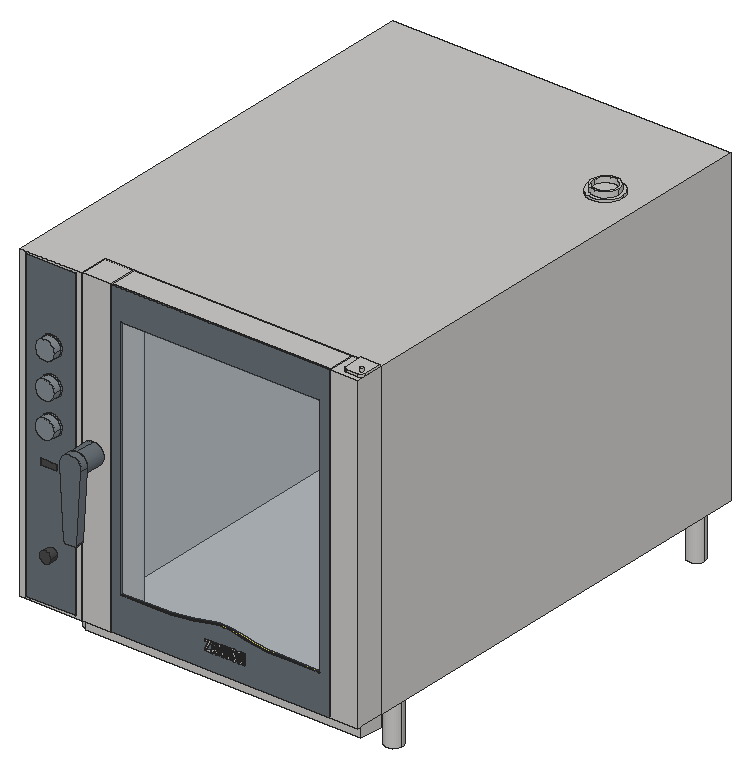
Revit family "QF_ZANUSSI_240486_ZFCE12CSES", category Specialty Equipment, Revit 2023
Family settings
  Round Connector Dimension = Use Diameter
  Part Type = Normal
  Work Plane-Based = No
  Enable Cutting in Views = No
  Always vertical = Yes
  Cut with Voids When Loaded = No
  Maintain Annotation Orientation = No
  Shared = No
  Room Calculation Point = No
Parameters
  Weight = 147.00 kg
  Watts = 0 W
  Volts = 380 V
  URL Manufacturer = "http://www.zanussiprofessional.com"
  URL = "http://www.zanussiprofessional.com"
  Steam Supply Size = 0 mm
  Steam Supply Minimum Pressure = 0.0 Pa
  Steam Supply Maximum Pressure = 0.0 Pa
  Steam Consumption per Hour = 0
  Show Logo [instance] = yes
  Show Clearance [instance] = yes
  Refrigeration Suction Line Size = 0 mm
  Refrigeration Liquid Line Size = 0 mm
  Refrigerant Compressor Remote = yes
  Default Elevation = 0 mm
  Manufacturer = "Zanussi"
  Phase = 3
  Model = "ZFCE12CSES"
  Length Actual = 890 mm
  Item Number = "240486"
  Hot Water Size = 0 mm
  Height Actual = 970 mm
  HP = "32.9 HP"
  Gas Size = 12.7 mm
  Gas KW = 0
  Gas Input Pressure = 0.0585289 W
  Direct Waste Size = 25 mm
  Description = "CONVECTION OVEN CW 10 GN 2/1 - ELECTRIC - 60HZ"
  Depth Actual = 1215 mm
  Cycle = 60 Hz
  Condensate Return Size = 0 mm
  Compressed Air Volume = 0.0 L/s
  Compressed Air Size = 0 mm
  Compressed Air Pressure = 0.0 Pa
  Cold Water Size = 19.05 mm
  Accessory = no
Reference planes
  plane 1 "Center X": y = -61.149
  plane 2: z = 0
  plane 3 "Center Y": x = -330
  plane 4 "LEFT": x = -775
  plane 5 "BACK": y = 551.351
  plane 6 "RIGHT": x = 115
  plane 7 "FRONT": y = -673.649
  plane 8 "FeetLeft": x = -725
  plane 9: y = 501.351
  plane 10 "DoorDepth": y = -598.649
  plane 11 "FeetRight": x = 65
  plane 12 "BASE": z = 130
  plane 13 "TOP": z = 950
  plane 14: z = 0
  plane 15 "FeetFront": y = -493.649
  plane 16: z = 968
  plane 17: y = -433.649
  plane 18 "Drain_X": x = -349
  plane 19 "Drain_Y": y = 181.351
  plane 20 "EI_x": x = -675
  plane 21 "EI_y": y = -418.649
  plane 22 "CWI_x": x = -690
  plane 23: y = -1354.649
  plane 24 "CWI_y": y = -53.649
  plane 25: y = 264.351
  plane 26: x = 15
Forms (mm)
  Extrusion 1, solid, material "QF_Finishes_Stainless Steel"
    sketch origin (0, 73.5, 130) x (-1, 0, 0) y (0, -1, 0)
      loop
        circle (690, 127.149) r 13.2
    from -5 to 0
  Extrusion 2, solid, material "QF_Finishes_Stainless Steel"
    sketch origin (0, 57.5, 130) x (-1, 0, 0) y (0, -1, 0)
      loop
        circle (675, 476.149) r 13.25
    from -5 to 0
  Extrusion 3, solid, material "QF_Finishes_Stainless Steel"
    sketch origin (89, -125, 130) x (-1, 0, 0) y (0, -1, 0)
      loop
        circle (438, -306.351) r 13.25
    from -5 to 0
  Extrusion 4, solid, material "QF_Finishes_Black"
    sketch origin (0, -673.649, 77) x (-1, 0, 0) y (0, 0, 1)
      loop
        circle (691.941, 183.023) r 15
    from 0 to -20
  Extrusion 5, solid, material "QF_Finishes_Stainless Steel"
    sketch origin (15, -153.5, 130) x (-1, 0, 0) y (0, -1, 0)
      loop
        circle (705, -4.851) r 13.25
    from -5 to 0
  Extrusion 6, solid, material "QF_Finishes_Zanussi_Soft Gray"
    sketch origin (0, -673.649, -96) x (-1, 0, 0) y (0, 0, 1)
      loop
        circle (691, 845.824) r 26.676
    from 0 to -3
  Blend 7, solid, material "QF_Finishes_Zanussi_Soft Gray"
    base sketch origin (0, -673.649, -96) x (-1, 0, 0) y (0, 0, 1)
      loop
        circle (691, 845.824) r 25
    top sketch origin (0, -673.649, -96) x (-1, 0, 0) y (0, 0, 1)
      loop
        circle (691, 845.824) r 24.8
    from -3 to -23
  Extrusion 8, solid, material "QF_Finishes_Zanussi_Soft Gray"
    sketch origin (0, -673.649, -105) x (-1, 0, 0) y (0, 0, 1)
      loop
        circle (691, 760.824) r 26.676
    from 0 to -3
  Blend 9, solid, material "QF_Finishes_Zanussi_Soft Gray"
    base sketch origin (0, -673.649, -105) x (-1, 0, 0) y (0, 0, 1)
      loop
        circle (691, 760.824) r 25
    top sketch origin (0, -673.649, -105) x (-1, 0, 0) y (0, 0, 1)
      loop
        circle (691, 760.824) r 24.8
    from -3 to -23
  Extrusion 10, solid, material "QF_Finishes_Zanussi_Soft Gray"
    sketch origin (0, -673.649, 183) x (-1, 0, 0) y (0, 0, 1)
      loop
        circle (691, 380.824) r 26.676
    from 0 to -3
  Blend 11, solid, material "QF_Finishes_Zanussi_Soft Gray"
    base sketch origin (0, -673.649, 183) x (-1, 0, 0) y (0, 0, 1)
      loop
        circle (691, 380.824) r 25
    top sketch origin (0, -673.649, 183) x (-1, 0, 0) y (0, 0, 1)
      loop
        circle (691, 380.824) r 24.8
    from -3 to -23
  Extrusion 12, solid, material "QF_Finishes_Stainless Steel"
    sketch origin (0, 0, 130) x (-1, 0, 0) y (0, -1, 0)
      loop
        line (775, -551.351) -> (775, 673.649) -> (612, 673.649) -> (612, 598.649) -> (-115, 598.649) -> (-115, -551.351) -> (775, -551.351)
    from 820 to 0
  Extrusion 13, solid, material "QF_Finishes_Zanussi_Dark Gray"
    sketch origin (0, -673.649, 0) x (-1, 0, 0) y (0, 0, 1)
      loop
        line (760, 945) -> (627, 945) -> (627, 135) -> (760, 135) -> (760, 945)
      loop
        line (677.941, 475.023) -> (677.941, 460.023) -> (720.941, 460.023) -> (720.941, 475.023) -> (677.941, 475.023)
    from 0 to 5
  Extrusion 14, void
    sketch origin (0, -673.649, 0) x (-1, 0, 0) y (0, 0, 1)
      loop
        line (760, 945) -> (627, 945) -> (627, 135) -> (760, 135) -> (760, 945)
    from 0 to 5
  Extrusion 15, void
    sketch origin (0, -673.649, 0) x (-1, 0, 0) y (0, 0, 1)
      loop
        line (-87.826, 145) -> (609, 145) -> (609, 930) -> (-87.826, 930) -> (-87.826, 145)
    from 1200 to 75
  Extrusion 16, solid, material "QF_Finishes_Black"
    sketch origin (-5, -673.649, 195) x (-1, 0, 0) y (0, 0, 1)
      loop
        line (715.941, 280.023) -> (672.941, 280.023) -> (672.941, 265.023) -> (715.941, 265.023) -> (715.941, 280.023)
    from 5 to 0
  Extrusion 17, solid, material "QF_Clearances", detail levels coarse
    sketch origin (0, 0, 0) x (1, 0, 0) y (0, 1, 0)
      loop
        line (-825, -673.649) -> (-775, -673.649) -> (-775, 551.351) -> (115, 551.351) -> (115, -673.649) -> (165, -673.649) -> (165, 601.351) -> (-825, 601.351) -> (-825, -673.649)
    from 950 to 0
  Extrusion 18, solid, material "QF_Finishes_Stainless Steel"
    sketch origin (0, 0, 950) x (-1, 0, 0) y (0, -1, 0)
      loop
        circle (-15, -264.351) r 45
    from 5 to 0
  Extrusion 19, solid, material "QF_Finishes_Stainless Steel"
    sketch origin (0, 0, 950) x (-1, 0, 0) y (0, -1, 0)
      loop
        circle (-15, -264.351) r 35
      loop
        circle (-15, -264.351) r 30
    from 5 to 18
Cuts and joins
  Extrusion 14, Extrusion 15 cuts Extrusion 12
Lines and regions (mm)
  symbolic lines
    curve 1: line (-775, -673.649, 1620) -> (-775, 551.351, 1620)
    curve 2: line (-775, 551.351, 1620) -> (115, 551.351, 1620)
    curve 3: line (-612, -598.649, 1620) -> (115, -598.649, 1620)
    curve 4: line (-612, -598.649, 1620) -> (-612, -673.649, 1620)
    curve 5: line (-775, -673.649, 1620) -> (-612, -673.649, 1620)
    curve 6: line (-719.676, -676.649, 1620) -> (-665.324, -676.649, 1620)
    curve 7: line (-719.676, -676.649, 1620) -> (-719.676, -673.649, 1620)
    curve 8: line (-665.324, -676.649, 1620) -> (-665.324, -673.649, 1620)
    curve 9: line (115, 551.351, 1620) -> (115, -673.649, 1620)
    curve 10: line (-717.863, -696.649, 684) -> (-667.2, -696.649, 684)
    curve 11: line (-717.863, -696.649, 684) -> (-718, -676.649, 684)
    curve 12: line (-667.2, -696.649, 684) -> (-667, -676.649, 684)
    curve 18: circle (15, 264.351, 950) r 45 normal (0, 0, 1)
    curve 19: circle (15, 264.351, 950) r 35 normal (0, 0, 1)
    curve 20: circle (15, 264.351, 950) r 30 normal (0, 0, -1)
  symbolic lines, style "QF_Clearances", detail levels coarse
    curve 13: line (-825, -673.649, 0) -> (-825, 601.351, 0)
    curve 14: line (-825, 601.351, 0) -> (165, 601.351, 0)
    curve 15: line (165, 601.351, 0) -> (165, -673.649, 0)
    curve 16: line (165, -673.649, 0) -> (115, -673.649, 0)
    curve 17: line (-825, -673.649, 0) -> (-768.438, -673.649, 0)
Dimensions and locks
  equal spacing: plane 4 "LEFT", plane 3 "Center Y", plane 6 "RIGHT"
  equal spacing: plane 5 "BACK", plane 1 "Center X", plane 7 "FRONT"
  plane 12 "BASE" to plane 14 = 130 mm
  plane 13 "TOP" to plane 12 "BASE" = 820 mm
  plane 13 "TOP" to plane 14 = 950 mm
  plane 5 "BACK" to plane 9 = 50 mm
  plane 9 to plane 15 "FeetFront" = 995 mm
  locked: plane 15 "FeetFront" to plane 7 "FRONT" at 180
  plane 16 to plane 13 "TOP" to plane 12 "BASE" to level = 18 mm, 820 mm, 130 mm
  plane 16 to level = 968 mm
  plane 17 to plane 7 "FRONT" = 240 mm
  plane 5 "BACK" to plane 19 "Drain_Y" = 370 mm
  plane 4 "LEFT" to plane 18 "Drain_X" = 426 mm
  plane 4 "LEFT" to plane 20 "EI_x" = 100 mm
  plane 5 "BACK" to plane 21 "EI_y" = 970 mm
  plane 4 "LEFT" to plane 22 "CWI_x" = 85 mm
  plane 5 "BACK" to plane 23 = 1906 mm
  plane 5 "BACK" to plane 24 "CWI_y" = 605 mm
  locked: plane 10 "DoorDepth" to plane 7 "FRONT" at 75
  plane 8 "FeetLeft" to plane 4 "LEFT" = 50 mm
  plane 6 "RIGHT" to plane 11 "FeetRight" = 50 mm
  plane 11 "FeetRight" to plane 8 "FeetLeft" = 790 mm
  plane 5 "BACK" to plane 7 "FRONT" = 1225 mm
  plane 4 "LEFT" to plane 6 "RIGHT" = 890 mm
  plane 5 "BACK" to plane 25 = 287 mm
  plane 16 to plane 13 "TOP" = 18 mm
  plane 26 to plane 6 "RIGHT" = 100 mm
  aligned and locked: level to plane 2
  aligned and locked: plane 12 "BASE" to nested 1
  aligned and locked: plane 12 "BASE" to nested 2
  aligned and locked: plane 12 "BASE" to nested 4
  aligned and locked: plane 12 "BASE" to nested 3
  aligned and locked: nested 5 to plane 10 "DoorDepth"
  aligned and locked: nested 5 to plane 12 "BASE"
  aligned and locked: plane 6 "RIGHT" to nested 5
  aligned and locked: plane 8 "FeetLeft" to nested 4
  aligned and locked: plane 11 "FeetRight" to nested 2
  aligned and locked: plane 11 "FeetRight" to nested 3
  aligned and locked: nested 4 to plane 9
  aligned and locked: nested 3 to plane 9
  aligned and locked: plane 15 "FeetFront" to nested 1
  aligned and locked: plane 15 "FeetFront" to nested 2
Automatic sketch dimensions
  Extrusion 2 sketch curve to plane 20 "EI_x" = 0 mm
  Extrusion 2 sketch curve to plane 21 "EI_y" = 0 mm
  Extrusion 3 sketch curve to plane 18 "Drain_X" = 0 mm
  Extrusion 3 sketch curve to plane 19 "Drain_Y" = 0 mm
  plane 12 "BASE" to Extrusion 4 sketch curve = 130.023 mm
  Extrusion 6 sketch curve to plane 13 "TOP" = 200.176 mm
  Blend 7 sketch curve to plane 13 "TOP" = 200.176 mm  (x2)
  Extrusion 8 sketch curve to plane 13 "TOP" = 294.176 mm
  Blend 9 sketch curve to plane 13 "TOP" = 294.176 mm  (x2)
  plane 12 "BASE" to Extrusion 10 sketch curve = 433.824 mm
  plane 12 "BASE" to Blend 11 sketch curve = 433.824 mm  (x2)
  Extrusion 12 sketch curve to plane 5 "BACK" = 0 mm
  Extrusion 12 sketch curve to plane 6 "RIGHT" = 0 mm
  Extrusion 12 sketch curve to plane 10 "DoorDepth" = 0 mm
  Extrusion 12 sketch curve to plane 7 "FRONT" = 0 mm
  Extrusion 12 sketch curve to plane 4 "LEFT" = 0 mm
  plane 20 "EI_x" to Extrusion 12 sketch curve = 63 mm
  Extrusion 14 sketch curve to plane 13 "TOP" = 5 mm
  plane 20 "EI_x" to Extrusion 14 sketch curve = 48 mm
  Extrusion 14 sketch curve to plane 8 "FeetLeft" = 35 mm
  plane 12 "BASE" to Extrusion 14 sketch curve = 5 mm
  Extrusion 15 sketch curve to plane 13 "TOP" = 20 mm
  plane 11 "FeetRight" to Extrusion 15 sketch curve = 22.826 mm
  plane 20 "EI_x" to Extrusion 15 sketch curve = 66 mm
  plane 12 "BASE" to Extrusion 15 sketch curve = 15 mm
  Extrusion 13 sketch curve to plane 13 "TOP" = 5 mm
  plane 20 "EI_x" to Extrusion 13 sketch curve = 48 mm
  Extrusion 13 sketch curve to plane 20 "EI_x" = 2.941 mm
  plane 8 "FeetLeft" to Extrusion 13 sketch curve = 4.059 mm
  plane 4 "LEFT" to Extrusion 13 sketch curve = 15 mm
  plane 12 "BASE" to Extrusion 13 sketch curve = 345.023 mm
  Extrusion 13 sketch curve to Extrusion 13 sketch curve = 15 mm
  plane 12 "BASE" to Extrusion 13 sketch curve = 5 mm
  Extrusion 16 sketch curve to plane 20 "EI_x" = 2.941 mm
  plane 8 "FeetLeft" to Extrusion 16 sketch curve = 4.059 mm
  plane 12 "BASE" to Extrusion 16 sketch curve = 330.023 mm
  Extrusion 16 sketch curve to Extrusion 16 sketch curve = 15 mm
  curve 3 to plane 10 "DoorDepth" = 0 mm
  curve 5 to plane 7 "FRONT" = 0 mm
  curve 2 to plane 4 "LEFT" = 0 mm
  curve 1 to plane 5 "BACK" = 0 mm
  plane 20 "EI_x" to curve 3 = 63 mm
  curve 8 to plane 7 "FRONT" = 3 mm
  plane 20 "EI_x" to curve 8 = 9.676 mm
  plane 8 "FeetLeft" to curve 6 = 5.324 mm
  curve 9 to plane 6 "RIGHT" = 0 mm
  curve 9 to plane 7 "FRONT" = 0 mm
  Extrusion 17 sketch curve to plane 7 "FRONT" = 0 mm  (x2)
  Extrusion 17 sketch curve to plane 4 "LEFT" = 0 mm
  Extrusion 17 sketch curve to plane 5 "BACK" = 0 mm
  Extrusion 17 sketch curve to plane 6 "RIGHT" = 0 mm
  Extrusion 17 sketch curve to Extrusion 17 sketch curve = 50 mm
  plane 6 "RIGHT" to Extrusion 17 sketch curve = 50 mm
  plane 5 "BACK" to Extrusion 17 sketch curve = 50 mm
  Extrusion 1 sketch curve to plane 22 "CWI_x" = 0 mm
  Extrusion 1 sketch curve to plane 24 "CWI_y" = 0 mm
  plane 20 "EI_x" to curve 12 = 7.8 mm
  curve 12 to plane 7 "FRONT" = 23 mm
  curve 12 to plane 7 "FRONT" = 3 mm
  plane 20 "EI_x" to curve 12 = 8 mm
  plane 8 "FeetLeft" to curve 11 = 7.137 mm
  curve 11 to plane 7 "FRONT" = 3 mm
  plane 8 "FeetLeft" to curve 11 = 7 mm
  curve 13 to plane 7 "FRONT" = 0 mm
  curve 16 to plane 6 "RIGHT" = 0 mm
  curve 15 to plane 7 "FRONT" = 0 mm
  curve 17 to plane 4 "LEFT" = 50 mm
  plane 6 "RIGHT" to curve 15 = 50 mm
  plane 5 "BACK" to curve 13 = 50 mm
  plane 4 "LEFT" to curve 17 = 6.562 mm
  plane 1 "Center X" to Extrusion 5 sketch curve = 87.5 mm
  Extrusion 4 sketch curve to plane 22 "CWI_x" = 1.941 mm
  Extrusion 5 sketch curve to plane 22 "CWI_x" = 0 mm
  Extrusion 6 sketch curve to plane 22 "CWI_x" = 1 mm
  Blend 7 sketch curve to plane 22 "CWI_x" = 1 mm  (x2)
  Extrusion 8 sketch curve to plane 22 "CWI_x" = 1 mm
  Blend 9 sketch curve to plane 22 "CWI_x" = 1 mm  (x2)
  Extrusion 10 sketch curve to plane 22 "CWI_x" = 1 mm
  Blend 11 sketch curve to plane 22 "CWI_x" = 1 mm  (x2)
  Extrusion 18 sketch curve to plane 25 = 0 mm
  Extrusion 18 sketch curve to plane 26 = 0 mm
  Extrusion 19 sketch curve to Extrusion 19 sketch curve = 0 mm  (x2)
  Extrusion 19 sketch curve to plane 25 = 0 mm
  Extrusion 19 sketch curve to plane 26 = 0 mm
  curve 18 to curve 19 = 0 mm  (x2)
  curve 18 to curve 20 = 0 mm  (x2)
  curve 19 to curve 20 = 0 mm  (x2)
  curve 19 to plane 25 = 0 mm
  curve 19 to plane 26 = 0 mm
  radius of Extrusion 2 sketch curve = 13.25 mm
  radius of Extrusion 3 sketch curve = 13.25 mm
  radius of Extrusion 4 sketch curve = 15 mm
  radius of Extrusion 5 sketch curve = 13.25 mm
  radius of Extrusion 6 sketch curve = 26.676 mm
  radius of Blend 7 sketch curve = 25 mm
  radius of Blend 7 sketch curve = 24.8 mm
  radius of Extrusion 8 sketch curve = 26.676 mm
  radius of Blend 9 sketch curve = 25 mm
  radius of Blend 9 sketch curve = 24.8 mm
  radius of Extrusion 10 sketch curve = 26.676 mm
  radius of Blend 11 sketch curve = 25 mm
  radius of Blend 11 sketch curve = 24.8 mm
  radius of Extrusion 1 sketch curve = 13.2 mm
  radius of Extrusion 18 sketch curve = 45 mm
  radius of Extrusion 19 sketch curve = 35 mm
  radius of Extrusion 19 sketch curve = 30 mm
  radius of curve 18 = 45 mm
  radius of curve 19 = 35 mm
  radius of curve 20 = 30 mm
Nested families
  nested 1: "Foot" at (-725, -493.649, 0), type "Foot"
    with Ø 22 mm, H 130 mm
  nested 2: "Foot" at (65, -493.649, 0), type "Foot"
    with Ø 22 mm, H 130 mm
  nested 3: "Foot" at (65, 501.351, 0), type "Foot"
    with Ø 22 mm, H 130 mm
  nested 4: "Foot" at (-725, 501.351, 0), type "Foot"
    with Ø 22 mm, H 130 mm
  nested 5: "ZAN_DOOR_CROSSWISE_H820" at (115, -601.649, 0), type "ZAN_DOOR_CROSSWISE_H820"
    with Show Clearance yes
Connectors
  piping at (-349, 181.351, 125), diameter 25, driven by "Direct Waste Size"
    settings: on Extrusion 3, index 6, connector inside diameter 609.6 mm, connector length 0 mm, flow factor 0, pipe flow 0.0 L/s, pressure drop 0.0 Pa, fitting loss kfactor 0, connector angle 0.00°, fixture units 0, engagement length 0 mm, angle of deflection 0.00°, flow configuration 0, flow direction 2, fitting loss method 0, system type 16, joint type 0, gender type 0, connector reference index -1, connector utility 0, adjustable connector no, is connector primary yes, connector description "Drain"
  electrical at (-675, -418.649, 125)
    settings: on Extrusion 2, index 7, voltage 0 V, apparent load 0 VA, apparent load phase1 0 VA, apparent load phase2 0 VA, apparent load phase3 0 VA, power factor 1, load classification "Altro", number of poles 1, system type 30, power factor state 1, is connector primary yes, connector utility no, sub classification motor no, connector description "Electrical Connection"
  piping at (-690, -53.649, 125), diameter 19.05, driven by "Cold Water Size"
    settings: on Extrusion 1, index 8, connector inside diameter 609.6 mm, connector length 0 mm, flow factor 0, pipe flow 0.0 L/s, pressure drop 0.0 Pa, fitting loss kfactor 0, connector angle 0.00°, fixture units 0, engagement length 0 mm, angle of deflection 0.00°, flow configuration 0, flow direction 1, fitting loss method 0, system type 20, joint type 0, gender type 0, connector reference index -1, connector utility 0, adjustable connector no, is connector primary no, connector description "Cold Water Inlet"
Definition of nested family "Foot"
  Parameters
    Ø [instance] = 20 mm
    Default Elevation = 0 mm
    H [instance] = 50 mm
  Reference planes
    plane 1 "Centro (Fronte/Retro)": y = 0
    plane 2: z = 0
    plane 3 "Centro (Sinistra/Destra)": x = 0
    plane 4: z = 50
  Forms (mm)
    Revolve 1, solid
      sketch origin (255.05, 0, 608.09) x (0, 0, 1) y (-1, 0, 0)
        loop
          line (-608.09, 255.05) -> (-608.09, 235.05) -> (-558.09, 235.05) -> (-558.09, 255.05) -> (-608.09, 255.05)
        axis (-608.09, 255.05) -> (-558.09, 255.05)
      angle from 0 to 360
  Dimensions and locks
    "H": plane 4 to plane 2
    "Ø": Revolve 1 sketch curve to Revolve 1 sketch curve
    aligned and locked: level to plane 2
    aligned and locked: plane 4 to Revolve 1 sketch curve
    aligned and locked: Revolve 1 sketch curve to level
    aligned and locked: plane 3 "Centro (Sinistra/Destra)" to Revolve 1 sketch curve
  Automatic sketch dimensions
    Revolve 1 sketch curve to plane 3 "Centro (Sinistra/Destra)" = 0 mm
    Revolve 1 sketch curve to Revolve 1 sketch curve = 50 mm
    Revolve 1 sketch curve to Revolve 1 sketch curve = 20 mm
Definition of nested family "ZAN_DOOR_CROSSWISE_H820"
  Parameters (values of type "ZAN_DOOR_CROSSWISE_H820")
    sp_Lama = 5 mm
    Z_Maniglia = 405 mm
    W_Door = 725 mm
    Show Clearance [instance] = yes
    Default Elevation = 0 mm
    H_Feet = 130 mm
    H_FasciaTop = 75 mm
    H_Door = 820 mm
    W_fasce = 75 mm
    Direct Waste Size = 25 mm
  Reference planes
    plane 1 "Center (Front/Back)": y = 3
    plane 2: z = 0
    plane 3 "Center (Left/Right)": x = 0
    plane 4 "Top": z = 950
    plane 5 "Feet": z = 130
    plane 6 "Front": y = -72
    plane 7: z = 945
    plane 8: z = 870
    plane 9: x = -625
    plane 10: x = -75
    plane 11: x = -725
    plane 12: x = -650
    plane 13: x = -100
    plane 14: x = -649
    plane 15: x = -76
    plane 16: z = 154
    plane 17: z = 535
    plane 18: x = -697
  Forms (mm)
    Extrusion 1, solid
      sketch origin (0, -72, 0) x (0, 0, -1) y (-1, 0, 0)
        loop
          line (-950, 725) -> (-950, 650) -> (-130, 650) -> (-130, 725) -> (-950, 725)
        loop
          line (-950, 0) -> (-130, 0) -> (-130, 75) -> (-950, 75) -> (-950, 0)
      from 0 to 75
    Extrusion 2, solid
      sketch origin (0, -72, 0) x (0, 0, -1) y (-1, 0, 0)
        loop
          line (-226.277, 625) -> (-870, 625) -> (-870, 100) -> (-226.277, 100) -> (-226.277, 179.596) -> (-226.464, 194.035) -> (-226.816, 214.136)
          arc (-226.816, 214.136) -> (-227.121, 224.207) -> (-227.693, 234.266) r 381.251
          arc (-227.693, 234.266) -> (-229.438, 254.344) -> (-232.142, 274.315) r 421.149
          arc (-232.142, 274.315) -> (-235.022, 290.185) -> (-238.297, 305.979) r 647.683
          arc (-238.297, 305.979) -> (-241.149, 319.693) -> (-243.677, 333.471) r 593.178
          arc (-243.677, 333.471) -> (-244.098, 337.378) -> (-244.435, 341.294) r 181.693
          arc (-244.435, 341.294) -> (-244.748, 347.295) -> (-244.843, 353.303) r 166.118
          arc (-244.843, 353.303) -> (-244.747, 359.31) -> (-244.433, 365.309) r 166.118
          arc (-244.433, 365.309) -> (-244.097, 369.204) -> (-243.677, 373.091) r 181.693
          arc (-243.677, 373.091) -> (-241.149, 386.869) -> (-238.297, 400.583) r 593.179
          arc (-238.297, 400.583) -> (-235.025, 416.365) -> (-232.147, 432.223) r 647.683
          arc (-232.147, 432.223) -> (-229.444, 452.168) -> (-227.698, 472.219) r 421.148
          arc (-227.698, 472.219) -> (-227.123, 482.317) -> (-226.816, 492.426) r 381.251
          line (-226.816, 492.426) -> (-226.464, 512.527) -> (-226.277, 526.966) -> (-226.277, 625)
        loop
          line (-130, 76) -> (-130, 649) -> (-950, 649) -> (-950, 76) -> (-130, 76)
      from 0 to 5
    Extrusion 3, void
      sketch origin (-100, -72, 0) x (-1, 0, 0) y (0, 0, 1)
        loop
          line (288.603, 173.973) -> (303.509, 173.973) -> (303.509, 179.706) -> (295.318, 196.905) -> (302.853, 196.741) -> (302.853, 201.982) -> (288.603, 201.982) -> (288.603, 197.232) -> (297.201, 179.706) -> (288.603, 179.706) -> (288.603, 173.973)
        loop
          line (280.375, 184.456) -> (278.737, 197.195) -> (277.1, 184.456) -> (280.375, 184.456)
        loop
          line (281.849, 173.973) -> (287.746, 173.973) -> (282.669, 201.982) -> (274.806, 201.982) -> (269.565, 173.973) -> (275.461, 173.973) -> (276.281, 179.378) -> (281.031, 179.378) -> (281.849, 173.973)
        loop
          line (268.839, 201.982) -> (262.778, 201.982) -> (258.028, 184.128) -> (258.028, 201.982) -> (252.786, 201.982) -> (252.786, 173.973) -> (259.011, 173.973) -> (263.761, 192.482) -> (263.761, 173.973) -> (268.839, 173.973) -> (268.839, 201.982)
        loop
          line (251.476, 180.9) -> (251.476, 201.982) -> (245.743, 201.982) -> (245.743, 180.689)
          arc (245.743, 180.689) -> (243.81, 179.443) -> (242.303, 181.18) r 1.755
          line (242.303, 181.18) -> (242.303, 201.982) -> (236.57, 201.982) -> (236.57, 179.87)
          arc (236.57, 179.87) -> (244.469, 173.928) -> (251.476, 180.9) r 7.548
        loop
          line (225.923, 193.137) -> (225.923, 196.183)
          arc (225.923, 196.183) -> (228.232, 197.801) -> (229.849, 195.492) r 1.993
          arc (229.849, 195.492) -> (229.394, 194.205) -> (228.544, 193.137) r 4.132
          line (228.544, 193.137) -> (222.261, 187.482)
          arc (222.261, 187.482) -> (220.244, 183.234) -> (220.358, 178.532) r 10.152
          arc (220.358, 178.532) -> (226.648, 173.979) -> (234.116, 176.106) r 8.889
          arc (234.116, 176.106) -> (235.696, 179.791) -> (235.751, 183.801) r 10.311
          line (235.751, 183.801) -> (230.033, 183.801)
          arc (230.033, 183.801) -> (230.009, 183.099) -> (230.033, 182.396) r 10.165
          arc (230.033, 182.396) -> (230.059, 181.653) -> (230.033, 180.91) r 10.759
          arc (230.033, 180.91) -> (229.7, 179.855) -> (228.922, 179.068) r 2.359
          arc (228.922, 179.068) -> (226.339, 179.656) -> (226.065, 182.291) r 2.275
          arc (226.065, 182.291) -> (227.174, 183.799) -> (228.6, 185.01) r 8.056
          line (228.6, 185.01) -> (231.016, 187.151)
          arc (231.016, 187.151) -> (233.167, 189.4) -> (234.919, 191.972) r 18.895
          arc (234.919, 191.972) -> (235.183, 196.623) -> (233.05, 200.765) r 8.857
          arc (233.05, 200.765) -> (227.818, 202.471) -> (222.586, 200.765) r 8.876
          arc (222.586, 200.765) -> (220.806, 198.522) -> (220.429, 195.684) r 5.378
          line (220.429, 195.684) -> (220.518, 193.137) -> (225.923, 193.137)
        loop
          line (209.587, 193.137) -> (209.587, 196.183)
          arc (209.587, 196.183) -> (211.896, 197.801) -> (213.513, 195.492) r 1.993
          arc (213.513, 195.492) -> (213.058, 194.205) -> (212.208, 193.137) r 4.132
          line (212.208, 193.137) -> (205.924, 187.482)
          arc (205.924, 187.482) -> (203.908, 183.234) -> (204.022, 178.532) r 10.152
          arc (204.022, 178.532) -> (210.312, 173.979) -> (217.779, 176.106) r 8.889
          arc (217.779, 176.106) -> (219.36, 179.791) -> (219.415, 183.801) r 10.311
          line (219.415, 183.801) -> (213.696, 183.801)
          arc (213.696, 183.801) -> (213.672, 183.099) -> (213.696, 182.396) r 10.165
          arc (213.696, 182.396) -> (213.722, 181.653) -> (213.696, 180.91) r 10.759
          arc (213.696, 180.91) -> (213.363, 179.855) -> (212.586, 179.068) r 2.359
          arc (212.586, 179.068) -> (210.003, 179.656) -> (209.729, 182.291) r 2.275
          arc (209.729, 182.291) -> (210.837, 183.799) -> (212.264, 185.01) r 8.056
          line (212.264, 185.01) -> (214.679, 187.151)
          arc (214.679, 187.151) -> (216.83, 189.4) -> (218.583, 191.972) r 18.895
          arc (218.583, 191.972) -> (218.847, 196.623) -> (216.714, 200.765) r 8.857
          arc (216.714, 200.765) -> (211.482, 202.471) -> (206.25, 200.765) r 8.876
          arc (206.25, 200.765) -> (204.469, 198.522) -> (204.093, 195.684) r 5.378
          line (204.093, 195.684) -> (204.182, 193.137) -> (209.587, 193.137)
        loop
          line (202.992, 201.982) -> (197.259, 201.982) -> (197.259, 173.973) -> (202.992, 173.973) -> (202.992, 201.982)
      from 0 to 2
    Extrusion 4, solid
      sketch origin (0, -72, 0) x (0, 0, -1) y (-1, 0, 0)
        loop
          line (-173.973, 388.603) -> (-173.973, 403.509) -> (-179.706, 403.509) -> (-196.905, 395.318) -> (-196.741, 402.853) -> (-201.982, 402.853) -> (-201.982, 388.603) -> (-197.232, 388.603) -> (-179.706, 397.201) -> (-179.706, 388.603) -> (-173.973, 388.603)
        loop
          line (-184.456, 380.375) -> (-197.195, 378.737) -> (-184.456, 377.1) -> (-184.456, 380.375)
        loop
          line (-173.973, 381.849) -> (-173.973, 387.746) -> (-201.982, 382.669) -> (-201.982, 374.806) -> (-173.973, 369.565) -> (-173.973, 375.461) -> (-179.378, 376.281) -> (-179.378, 381.031) -> (-173.973, 381.849)
        loop
          line (-201.982, 368.839) -> (-201.982, 362.778) -> (-184.128, 358.028) -> (-201.982, 358.028) -> (-201.982, 352.786) -> (-173.973, 352.786) -> (-173.973, 359.011) -> (-192.482, 363.761) -> (-173.973, 363.761) -> (-173.973, 368.839) -> (-201.982, 368.839)
        loop
          line (-180.9, 351.476) -> (-201.982, 351.476) -> (-201.982, 345.743) -> (-180.689, 345.743)
          arc (-180.689, 345.743) -> (-179.443, 343.81) -> (-181.18, 342.303) r 1.755
          line (-181.18, 342.303) -> (-201.982, 342.303) -> (-201.982, 336.57) -> (-179.87, 336.57)
          arc (-179.87, 336.57) -> (-173.928, 344.469) -> (-180.9, 351.476) r 7.548
        loop
          line (-193.137, 325.923) -> (-196.183, 325.923)
          arc (-196.183, 325.923) -> (-197.801, 328.232) -> (-195.492, 329.849) r 1.993
          arc (-195.492, 329.849) -> (-194.205, 329.394) -> (-193.137, 328.544) r 4.132
          line (-193.137, 328.544) -> (-187.482, 322.261)
          arc (-187.482, 322.261) -> (-183.234, 320.244) -> (-178.532, 320.358) r 10.152
          arc (-178.532, 320.358) -> (-173.979, 326.648) -> (-176.106, 334.116) r 8.889
          arc (-176.106, 334.116) -> (-179.791, 335.696) -> (-183.801, 335.751) r 10.311
          line (-183.801, 335.751) -> (-183.801, 330.033)
          arc (-183.801, 330.033) -> (-183.099, 330.009) -> (-182.396, 330.033) r 10.165
          arc (-182.396, 330.033) -> (-181.653, 330.059) -> (-180.91, 330.033) r 10.759
          arc (-180.91, 330.033) -> (-179.855, 329.7) -> (-179.068, 328.922) r 2.359
          arc (-179.068, 328.922) -> (-179.656, 326.339) -> (-182.291, 326.065) r 2.275
          arc (-182.291, 326.065) -> (-183.799, 327.174) -> (-185.01, 328.6) r 8.056
          line (-185.01, 328.6) -> (-187.151, 331.016)
          arc (-187.151, 331.016) -> (-189.4, 333.167) -> (-191.972, 334.919) r 18.895
          arc (-191.972, 334.919) -> (-196.623, 335.183) -> (-200.765, 333.05) r 8.857
          arc (-200.765, 333.05) -> (-202.471, 327.818) -> (-200.765, 322.586) r 8.876
          arc (-200.765, 322.586) -> (-198.522, 320.806) -> (-195.684, 320.429) r 5.378
          line (-195.684, 320.429) -> (-193.137, 320.518) -> (-193.137, 325.923)
        loop
          line (-193.137, 309.587) -> (-196.183, 309.587)
          arc (-196.183, 309.587) -> (-197.801, 311.896) -> (-195.492, 313.513) r 1.993
          arc (-195.492, 313.513) -> (-194.205, 313.058) -> (-193.137, 312.208) r 4.132
          line (-193.137, 312.208) -> (-187.482, 305.924)
          arc (-187.482, 305.924) -> (-183.234, 303.908) -> (-178.532, 304.022) r 10.152
          arc (-178.532, 304.022) -> (-173.979, 310.312) -> (-176.106, 317.779) r 8.889
          arc (-176.106, 317.779) -> (-179.791, 319.36) -> (-183.801, 319.415) r 10.311
          line (-183.801, 319.415) -> (-183.801, 313.696)
          arc (-183.801, 313.696) -> (-183.099, 313.672) -> (-182.396, 313.696) r 10.165
          arc (-182.396, 313.696) -> (-181.653, 313.722) -> (-180.91, 313.696) r 10.759
          arc (-180.91, 313.696) -> (-179.855, 313.363) -> (-179.068, 312.586) r 2.359
          arc (-179.068, 312.586) -> (-179.656, 310.003) -> (-182.291, 309.729) r 2.275
          arc (-182.291, 309.729) -> (-183.799, 310.837) -> (-185.01, 312.264) r 8.056
          line (-185.01, 312.264) -> (-187.151, 314.679)
          arc (-187.151, 314.679) -> (-189.4, 316.83) -> (-191.972, 318.583) r 18.895
          arc (-191.972, 318.583) -> (-196.623, 318.847) -> (-200.765, 316.714) r 8.857
          arc (-200.765, 316.714) -> (-202.471, 311.482) -> (-200.765, 306.25) r 8.876
          arc (-200.765, 306.25) -> (-198.522, 304.469) -> (-195.684, 304.093) r 5.378
          line (-195.684, 304.093) -> (-193.137, 304.182) -> (-193.137, 309.587)
        loop
          line (-201.982, 302.992) -> (-201.982, 297.259) -> (-173.973, 297.259) -> (-173.973, 302.992) -> (-201.982, 302.992)
      from 0 to 2
    Extrusion 5, solid
      sketch origin (0, -72, 0) x (0, 0, -1) y (-1, 0, 0)
        loop
          line (-945, 649) -> (-945, 625) -> (-154, 625) -> (-154, 100) -> (-945, 100) -> (-945, 76) -> (-130, 76) -> (-130, 649) -> (-945, 649)
      from 5 to 75
    Extrusion 6, solid
      sketch origin (0, -72, 0) x (0, 0, -1) y (-1, 0, 0)
        loop
          line (-945, 625) -> (-945, 100) -> (-154, 100) -> (-154, 625) -> (-945, 625)
      from 75 to 70
    Extrusion 7, solid
      sketch origin (0, -72, 0) x (0, 0, -1) y (-1, 0, 0)
        loop
          line (-945, 649) -> (-950, 649) -> (-950, 76) -> (-945, 76) -> (-945, 649)
      from 5 to 75
    Extrusion 8, solid
      sketch origin (-100, -72, -17) x (-1, 0, 0) y (0, 0, 1)
        loop
          arc (608.817, 368.345) -> (612.24, 369.7) -> (613.808, 373.032) r 5
          line (613.808, 373.032) -> (624.987, 551.163)
          arc (624.987, 551.163) -> (596.54, 579.996) -> (569.055, 550.244) r 28
          line (569.055, 550.244) -> (580.194, 373.003)
          arc (580.194, 373.003) -> (581.77, 369.69) -> (585.183, 368.345) r 5
          line (585.183, 368.345) -> (608.817, 368.345)
      from -55 to -75
    Extrusion 9, solid
      sketch origin (0, -72, 0) x (0, 0, -1) y (-1, 0, 0)
        loop
          circle (-535, 697) r 28
      from 0 to -55
    Extrusion 10, solid
      sketch origin (0, 0, 0) x (0, 1, 0) y (0, 0, 1)
        loop
          line (-62, 130) -> (-62, 105) -> (3, 100.455) -> (3, 130) -> (-62, 130)
      from -725 to 0
    Extrusion 11, solid
      sketch origin (0, 0, 950) x (0, -1, 0) y (1, 0, 0)
        loop
          circle (38.919, -17.1) r 5
      from 10 to 5
    Extrusion 12, solid
      sketch origin (0, 0, 950) x (0, -1, 0) y (1, 0, 0)
        loop
          line (-3, -52.67) -> (47, -52.67)
          arc (47, -52.67) -> (54.071, -49.741) -> (57, -42.67) r 10
          line (57, -42.67) -> (57, -12.67)
          arc (57, -12.67) -> (54.071, -5.598) -> (47, -2.67) r 10
          line (47, -2.67) -> (-3, -2.67) -> (-3, -52.67)
      from 5 to 0
    Extrusion 13, solid, detail levels coarse
      sketch origin (-100, 215.149, 0) x (1, 0, 0) y (0, 1, 0)
        loop
          line (100, -972.149) -> (100, -287.149) -> (-625.004, -287.149)
          arc (-625.004, -287.149) -> (-403.591, -778.978) -> (100, -972.149) r 708.043
      from 950 to 130
    Extrusion 14, solid
      sketch origin (0, -72, 0) x (0, 0, -1) y (-1, 0, 0)
        loop
          line (-870, 625) -> (-870, 100) -> (-226.277, 100) -> (-228.887, 193.987) -> (-229.313, 214.075)
          arc (-229.313, 214.075) -> (-229.647, 224.091) -> (-230.232, 234.096) r 398.755
          arc (-230.232, 234.096) -> (-232.012, 254.045) -> (-234.745, 273.886) r 418.492
          arc (-234.745, 273.886) -> (-237.493, 288.79) -> (-240.528, 303.64) r 786.502
          arc (-240.528, 303.64) -> (-243.753, 318.136) -> (-246.344, 332.759) r 340.705
          arc (-246.344, 332.759) -> (-247.057, 338.079) -> (-247.553, 343.424) r 132.002
          arc (-247.553, 343.424) -> (-247.817, 348.358) -> (-247.896, 353.299) r 132.002
          arc (-247.896, 353.299) -> (-247.815, 358.239) -> (-247.55, 363.173) r 132.002
          arc (-247.55, 363.173) -> (-247.055, 368.5) -> (-246.344, 373.803) r 132.002
          arc (-246.344, 373.803) -> (-243.753, 388.426) -> (-240.528, 402.923) r 340.705
          arc (-240.528, 402.923) -> (-237.495, 417.76) -> (-234.749, 432.652) r 786.502
          arc (-234.749, 432.652) -> (-232.016, 452.488) -> (-230.234, 472.433) r 418.492
          arc (-230.234, 472.433) -> (-229.647, 482.454) -> (-229.313, 492.487) r 398.755
          line (-229.313, 492.487) -> (-228.887, 512.575) -> (-226.277, 625) -> (-870, 625)
      from 0 to 5
    Extrusion 15, solid
      sketch origin (0, -72, 0) x (0, 0, -1) y (-1, 0, 0)
        loop
          line (-228.887, 512.575) -> (-229.313, 492.487)
          arc (-229.313, 492.487) -> (-229.647, 482.454) -> (-230.234, 472.433) r 398.755
          arc (-230.234, 472.433) -> (-232.016, 452.488) -> (-234.749, 432.652) r 418.492
          arc (-234.749, 432.652) -> (-237.495, 417.76) -> (-240.528, 402.923) r 786.502
          arc (-240.528, 402.923) -> (-243.753, 388.426) -> (-246.344, 373.803) r 340.705
          arc (-246.344, 373.803) -> (-247.055, 368.5) -> (-247.55, 363.173) r 132.002
          arc (-247.55, 363.173) -> (-247.815, 358.239) -> (-247.896, 353.299) r 132.002
          arc (-247.896, 353.299) -> (-247.817, 348.358) -> (-247.553, 343.424) r 132.002
          arc (-247.553, 343.424) -> (-247.057, 338.079) -> (-246.344, 332.759) r 132.002
          arc (-246.344, 332.759) -> (-243.753, 318.136) -> (-240.528, 303.64) r 340.705
          arc (-240.528, 303.64) -> (-237.493, 288.79) -> (-234.745, 273.886) r 786.502
          arc (-234.745, 273.886) -> (-232.012, 254.045) -> (-230.232, 234.096) r 418.492
          arc (-230.232, 234.096) -> (-229.647, 224.091) -> (-229.313, 214.075) r 398.755
          line (-229.313, 214.075) -> (-228.887, 193.987) -> (-226.277, 100) -> (-226.277, 179.596) -> (-226.464, 194.035) -> (-226.816, 214.136)
          arc (-226.816, 214.136) -> (-227.121, 224.207) -> (-227.693, 234.266) r 381.251
          arc (-227.693, 234.266) -> (-229.438, 254.344) -> (-232.142, 274.315) r 421.149
          arc (-232.142, 274.315) -> (-235.022, 290.185) -> (-238.297, 305.979) r 647.683
          arc (-238.297, 305.979) -> (-241.149, 319.693) -> (-243.677, 333.471) r 593.178
          arc (-243.677, 333.471) -> (-244.328, 338.674) -> (-244.808, 343.895) r 159.419
          arc (-244.808, 343.895) -> (-245.055, 348.594) -> (-245.149, 353.299) r 143.741
          arc (-245.149, 353.299) -> (-245.054, 358.003) -> (-244.805, 362.702) r 143.741
          arc (-244.805, 362.702) -> (-244.326, 367.906) -> (-243.677, 373.091) r 159.42
          arc (-243.677, 373.091) -> (-241.149, 386.869) -> (-238.297, 400.583) r 593.179
          arc (-238.297, 400.583) -> (-235.025, 416.365) -> (-232.147, 432.223) r 647.683
          arc (-232.147, 432.223) -> (-229.444, 452.168) -> (-227.698, 472.219) r 421.148
          arc (-227.698, 472.219) -> (-227.123, 482.317) -> (-226.816, 492.426) r 381.251
          line (-226.816, 492.426) -> (-226.464, 512.527) -> (-226.277, 526.966) -> (-226.277, 625) -> (-228.887, 512.575)
      from 0 to 5
  Cuts and joins
    Extrusion 3 cuts Extrusion 2
  Lines and regions (mm)
    symbolic lines
      curve 1: line (-724.987, -127, 0) -> (-661.987, -127, 0)
      curve 2: line (-724.987, -147, 0) -> (-724.987, -72.467, 0)
      curve 3: line (-661.987, -147, 0) -> (-724.987, -147, 0)
      curve 4: line (-661.987, -72.467, 0) -> (-661.987, -147, 0)
      curve 5: line (-724.996, 3, 0) -> (0, 3, 0)
      curve 6: line (-724.996, -72.467, 0) -> (-724.996, 3, 0)
      curve 7: line (0, -72.467, 0) -> (-724.996, -72.467, 0)
      curve 8: line (0, 3, 0) -> (0, -72.467, 0)
      curve 9: line (-625, -72.467, 0) -> (-625, 3, 0)
      curve 10: line (-75, -72.467, 0) -> (-75, 3, 0)
      curve 11: arc (-52.67, -47, 0) -> (-49.741, -54.071, 0) -> (-42.67, -57, 0) r 10
      curve 12: line (-42.67, -57, 0) -> (-12.67, -57, 0)
      curve 13: arc (-12.67, -57, 0) -> (-5.598, -54.071, 0) -> (-2.67, -47, 0) r 10
      curve 14: line (-2.67, -47, 0) -> (-2.67, 3, 0)
      curve 15: line (-52.67, 3, 0) -> (-52.67, -47, 0)
      curve 16: circle (-17.1, -38.919, 0) r 5 normal (0, 0, 1)
      curve 17: line (0, -745.041, 0) -> (0, -72.467, 0)
      curve 18: arc (-725.004, -72, 0) -> (-503.591, -563.829, 0) -> (0, -757, 0) r 708.043
  Dimensions and locks
    plane 1 "Center (Front/Back)" to plane 6 "Front" = 75 mm
    "H_Feet": plane 5 "Feet" to level
    "H_Door": plane 4 "Top" to plane 5 "Feet"
    "sp_Lama": plane 4 "Top" to plane 7
    "H_FasciaTop": plane 7 to plane 8
    "W_fasce": plane 11 to plane 12
    "W_fasce": plane 3 "Center (Left/Right)" to plane 10
    locked: plane 14 to plane 12 at 1
    plane 15 to plane 10 = 1 mm
    locked: plane 9 to plane 14 at 24
    locked: plane 15 to plane 13 at 24
    locked: plane 16 to plane 5 "Feet" at 24
    "Z_Maniglia": plane 17 to plane 5 "Feet"
    plane 11 to plane 18 = 28 mm
    "W_Door": plane 11 to plane 3 "Center (Left/Right)"
    aligned and locked: level to plane 2
    aligned and locked: Extrusion 7 to plane 7
    aligned and locked: plane 7 to Extrusion 6
    aligned and locked: plane 7 to Extrusion 5  (x2)
    aligned and locked: Extrusion 1 to plane 4 "Top"  (x2)
    aligned and locked: Extrusion 13 to plane 4 "Top"
    aligned and locked: Extrusion 7 to plane 4 "Top"
    aligned and locked: cut or joined group of Extrusion 2, Extrusion 3 to plane 4 "Top"
    aligned and locked: cut or joined group of Extrusion 2, Extrusion 3 to plane 8
    aligned and locked: plane 5 "Feet" to Extrusion 5
    aligned and locked: plane 5 "Feet" to Extrusion 13
    aligned and locked: plane 5 "Feet" to Extrusion 1  (x2)
    aligned and locked: plane 5 "Feet" to cut or joined group of Extrusion 2, Extrusion 3
    aligned and locked: Extrusion 5 to plane 14
    aligned and locked: plane 9 to Extrusion 5
    aligned and locked: plane 15 to Extrusion 5
    aligned and locked: Extrusion 5 to plane 13
    aligned and locked: Extrusion 1 to plane 11
    aligned and locked: plane 3 "Center (Left/Right)" to Extrusion 1
    aligned and locked: plane 12 to Extrusion 1
    aligned and locked: Extrusion 1 to plane 10
    aligned and locked: plane 16 to Extrusion 5
    aligned and locked: Extrusion 6 to plane 16
    aligned and locked: plane 3 "Center (Left/Right)" to Extrusion 10
    aligned and locked: plane 9 to cut or joined group of Extrusion 2, Extrusion 3
    aligned and locked: cut or joined group of Extrusion 2, Extrusion 3 to plane 13
    aligned and locked: plane 11 to Extrusion 10
    aligned and locked: Extrusion 14 sketch curve to plane 8
    aligned and locked: Extrusion 14 sketch curve to plane 9
    aligned and locked: Extrusion 14 sketch curve to plane 13
  Automatic sketch dimensions
    Extrusion 9 sketch curve to plane 17 = 0 mm
    Extrusion 9 sketch curve to plane 18 = 0 mm
    Extrusion 1 sketch curve to plane 4 "Top" = 0 mm  (x2)
    Extrusion 1 sketch curve to plane 3 "Center (Left/Right)" = 0 mm
    Extrusion 1 sketch curve to plane 5 "Feet" = 0 mm  (x2)
    plane 10 to Extrusion 1 sketch curve = 0 mm
    plane 12 to Extrusion 1 sketch curve = 0 mm
    plane 11 to Extrusion 1 sketch curve = 0 mm
    plane 16 to Extrusion 3 sketch curve = 47.982 mm  (x3)
    plane 13 to Extrusion 3 sketch curve = 197.259 mm
    Extrusion 3 sketch curve to Extrusion 3 sketch curve = 4.888 mm
    Extrusion 3 sketch curve to Extrusion 3 sketch curve = 5.704 mm
    Extrusion 3 sketch curve to Extrusion 3 sketch curve = 0.845 mm
    plane 16 to Extrusion 3 sketch curve = 41.684 mm  (x2)
    Extrusion 3 sketch curve to Extrusion 3 sketch curve = 1.947 mm  (x2)
    plane 16 to Extrusion 3 sketch curve = 39.137 mm  (x4)
    Extrusion 3 sketch curve to Extrusion 3 sketch curve = 0.089 mm  (x2)
    plane 16 to Extrusion 3 sketch curve = 33.482 mm  (x2)
    Extrusion 3 sketch curve to Extrusion 3 sketch curve = 1.743 mm
    Extrusion 3 sketch curve to Extrusion 3 sketch curve = 6.311 mm
    Extrusion 3 sketch curve to Extrusion 3 sketch curve = 5.327 mm  (x2)
    Extrusion 3 sketch curve to Extrusion 3 sketch curve = 0.024 mm  (x2)
    Extrusion 3 sketch curve to Extrusion 3 sketch curve = 0.143 mm  (x2)
    Extrusion 3 sketch curve to Extrusion 3 sketch curve = 0.597 mm  (x2)
    Extrusion 3 sketch curve to Extrusion 3 sketch curve = 2.07 mm  (x2)
    Extrusion 3 sketch curve to Extrusion 3 sketch curve = 1.298 mm  (x2)
    Extrusion 3 sketch curve to Extrusion 3 sketch curve = 1.366 mm  (x2)
    Extrusion 3 sketch curve to Extrusion 3 sketch curve = 0.362 mm  (x2)
    Extrusion 3 sketch curve to Extrusion 3 sketch curve = 0.15 mm  (x2)
    Extrusion 3 sketch curve to Extrusion 3 sketch curve = 0.726 mm  (x3)
    plane 16 to Extrusion 3 sketch curve = 31.01 mm  (x2)
    Extrusion 3 sketch curve to Extrusion 3 sketch curve = 0.409 mm  (x2)
    Extrusion 3 sketch curve to Extrusion 3 sketch curve = 1.432 mm  (x2)
    Extrusion 3 sketch curve to Extrusion 3 sketch curve = 2.132 mm  (x2)
    plane 16 to Extrusion 3 sketch curve = 33.151 mm  (x2)
    Extrusion 3 sketch curve to Extrusion 3 sketch curve = 2.415 mm  (x2)
    Extrusion 3 sketch curve to Extrusion 3 sketch curve = 2.892 mm  (x2)
    Extrusion 3 sketch curve to Extrusion 3 sketch curve = 6.932 mm
    Extrusion 3 sketch curve to Extrusion 3 sketch curve = 2.57 mm
    Extrusion 3 sketch curve to Extrusion 3 sketch curve = 0.116 mm
    Extrusion 3 sketch curve to Extrusion 3 sketch curve = 2.846 mm
    Extrusion 3 sketch curve to Extrusion 3 sketch curve = 4.422 mm  (x2)
    Extrusion 3 sketch curve to Extrusion 3 sketch curve = 1.773 mm
    Extrusion 3 sketch curve to Extrusion 3 sketch curve = 5.719 mm
    Extrusion 3 sketch curve to Extrusion 3 sketch curve = 3.505 mm
    Extrusion 3 sketch curve to Extrusion 3 sketch curve = 5.733 mm  (x3)
    Extrusion 3 sketch curve to Extrusion 3 sketch curve = 1.646 mm
    Extrusion 3 sketch curve to Extrusion 3 sketch curve = 0.109 mm
    Extrusion 3 sketch curve to Extrusion 3 sketch curve = 3.44 mm
    Extrusion 3 sketch curve to Extrusion 3 sketch curve = 1.311 mm
    Extrusion 3 sketch curve to Extrusion 3 sketch curve = 5.241 mm  (x2)
    Extrusion 3 sketch curve to Extrusion 3 sketch curve = 6.224 mm
    Extrusion 3 sketch curve to Extrusion 3 sketch curve = 4.75 mm  (x3)
    Extrusion 3 sketch curve to Extrusion 3 sketch curve = 6.061 mm
    plane 16 to Extrusion 3 sketch curve = 19.973 mm  (x2)
    Extrusion 3 sketch curve to Extrusion 3 sketch curve = 5.967 mm
    Extrusion 3 sketch curve to Extrusion 3 sketch curve = 5.897 mm  (x2)
    Extrusion 3 sketch curve to Extrusion 3 sketch curve = 0.819 mm  (x4)
    plane 16 to Extrusion 3 sketch curve = 43.195 mm
    Extrusion 3 sketch curve to Extrusion 3 sketch curve = 3.931 mm  (x2)
    Extrusion 3 sketch curve to Extrusion 3 sketch curve = 3.276 mm
    Extrusion 3 sketch curve to Extrusion 3 sketch curve = 0.856 mm
    plane 16 to Extrusion 3 sketch curve = 43.232 mm
    Extrusion 3 sketch curve to Extrusion 3 sketch curve = 5.934 mm
    plane 16 to Extrusion 3 sketch curve = 42.905 mm
    Extrusion 3 sketch curve to Extrusion 3 sketch curve = 6.716 mm
    plane 16 to Extrusion 3 sketch curve = 25.706 mm
    Extrusion 3 sketch curve to Extrusion 3 sketch curve = 8.598 mm
    plane 16 to Extrusion 3 sketch curve = 42.741 mm
    Extrusion 3 sketch curve to Extrusion 3 sketch curve = 7.535 mm
    Extrusion 3 sketch curve to Extrusion 3 sketch curve = 6.308 mm
    Extrusion 3 sketch curve to Extrusion 3 sketch curve = 0 mm  (x12)
    Extrusion 3 sketch curve to Extrusion 3 sketch curve = 13.509 mm
    Extrusion 3 sketch curve to Extrusion 3 sketch curve = 6.705 mm  (x2)
    Extrusion 3 sketch curve to Extrusion 3 sketch curve = 5.405 mm
    Extrusion 3 sketch curve to Extrusion 3 sketch curve = 1.565 mm
    Extrusion 3 sketch curve to Extrusion 3 sketch curve = 0.211 mm
    Extrusion 3 sketch curve to Extrusion 3 sketch curve = 3.938 mm  (x2)
    Extrusion 3 sketch curve to Extrusion 3 sketch curve = 0.05 mm  (x2)
    Extrusion 3 sketch curve to Extrusion 3 sketch curve = 0.093 mm  (x2)
    Extrusion 3 sketch curve to Extrusion 3 sketch curve = 5.829 mm
    Extrusion 3 sketch curve to Extrusion 3 sketch curve = 3.348 mm
    Extrusion 3 sketch curve to Extrusion 3 sketch curve = 0.356 mm  (x2)
    Extrusion 3 sketch curve to Extrusion 3 sketch curve = 1.568 mm  (x2)
    Extrusion 3 sketch curve to Extrusion 3 sketch curve = 1.163 mm
    Extrusion 3 sketch curve to Extrusion 3 sketch curve = 1.919 mm
    Extrusion 3 sketch curve to Extrusion 3 sketch curve = 2.148 mm
    Extrusion 3 sketch curve to Extrusion 3 sketch curve = 1.209 mm
    Extrusion 3 sketch curve to Extrusion 3 sketch curve = 3.228 mm
    Extrusion 3 sketch curve to Extrusion 3 sketch curve = 5.078 mm
    Extrusion 3 sketch curve to Extrusion 3 sketch curve = 9.5 mm
    Extrusion 3 sketch curve to Extrusion 3 sketch curve = 0.458 mm  (x2)
    Extrusion 3 sketch curve to Extrusion 3 sketch curve = 1.645 mm  (x2)
    Extrusion 3 sketch curve to Extrusion 3 sketch curve = 1.056 mm  (x2)
    Extrusion 3 sketch curve to Extrusion 3 sketch curve = 1.401 mm  (x2)
    Extrusion 3 sketch curve to Extrusion 3 sketch curve = 0.025 mm  (x2)
    Extrusion 3 sketch curve to Extrusion 3 sketch curve = 0.212 mm  (x2)
    Extrusion 3 sketch curve to Extrusion 3 sketch curve = 0.525 mm
    Extrusion 3 sketch curve to Extrusion 3 sketch curve = 0.692 mm
    Extrusion 3 sketch curve to Extrusion 3 sketch curve = 1.059 mm  (x2)
    Extrusion 3 sketch curve to Extrusion 3 sketch curve = 0.88 mm  (x2)
    Extrusion 3 sketch curve to Extrusion 3 sketch curve = 1.769 mm
    Extrusion 3 sketch curve to Extrusion 3 sketch curve = 3.52 mm
    plane 16 to Extrusion 4 sketch curve = 47.982 mm  (x2)
    Extrusion 4 sketch curve to Extrusion 4 sketch curve = 0 mm  (x16)
    Extrusion 4 sketch curve to Extrusion 4 sketch curve = 0.692 mm  (x2)
    Extrusion 4 sketch curve to Extrusion 4 sketch curve = 4.75 mm  (x5)
    Extrusion 4 sketch curve to Extrusion 4 sketch curve = 4.787 mm
    Extrusion 4 sketch curve to Extrusion 4 sketch curve = 0.328 mm
    Extrusion 4 sketch curve to Extrusion 4 sketch curve = 5.241 mm  (x2)
    Extrusion 4 sketch curve to Extrusion 4 sketch curve = 4.87 mm
    Extrusion 4 sketch curve to Extrusion 4 sketch curve = 5.561 mm
    Extrusion 4 sketch curve to Extrusion 4 sketch curve = 0.212 mm  (x2)
    Extrusion 4 sketch curve to Extrusion 4 sketch curve = 0.025 mm  (x2)
    Extrusion 4 sketch curve to Extrusion 4 sketch curve = 0.346 mm  (x2)
    Extrusion 4 sketch curve to Extrusion 4 sketch curve = 0.525 mm  (x3)
    Extrusion 4 sketch curve to Extrusion 4 sketch curve = 1.401 mm  (x2)
    Extrusion 4 sketch curve to Extrusion 4 sketch curve = 1.186 mm  (x2)
    Extrusion 4 sketch curve to Extrusion 4 sketch curve = 2.546 mm  (x2)
    Extrusion 4 sketch curve to Extrusion 4 sketch curve = 0.458 mm  (x2)
    Extrusion 4 sketch curve to Extrusion 4 sketch curve = 9.5 mm
    Extrusion 4 sketch curve to Extrusion 4 sketch curve = 5.655 mm  (x2)
    Extrusion 4 sketch curve to Extrusion 4 sketch curve = 5.986 mm  (x2)
    Extrusion 4 sketch curve to Extrusion 4 sketch curve = 2.141 mm  (x2)
    Extrusion 4 sketch curve to Extrusion 4 sketch curve = 12.739 mm
    Extrusion 4 sketch curve to Extrusion 4 sketch curve = 8.354 mm
    Extrusion 4 sketch curve to Extrusion 4 sketch curve = 3.681 mm
    Extrusion 4 sketch curve to Extrusion 4 sketch curve = 1.209 mm
    Extrusion 4 sketch curve to Extrusion 4 sketch curve = 0.702 mm  (x2)
    Extrusion 4 sketch curve to Extrusion 4 sketch curve = 1.067 mm  (x2)
    Extrusion 4 sketch curve to Extrusion 4 sketch curve = 0.798 mm
    Extrusion 4 sketch curve to Extrusion 4 sketch curve = 1.163 mm
    Extrusion 4 sketch curve to Extrusion 4 sketch curve = 0.282 mm
    Extrusion 4 sketch curve to Extrusion 4 sketch curve = 2.148 mm
    Extrusion 4 sketch curve to Extrusion 4 sketch curve = 1.642 mm
    Extrusion 4 sketch curve to Extrusion 4 sketch curve = 0.277 mm
    Extrusion 4 sketch curve to Extrusion 4 sketch curve = 1.568 mm  (x2)
    Extrusion 4 sketch curve to Extrusion 4 sketch curve = 0.043 mm  (x2)
    Extrusion 4 sketch curve to Extrusion 4 sketch curve = 0.093 mm  (x2)
    Extrusion 4 sketch curve to Extrusion 4 sketch curve = 3.228 mm
    Extrusion 4 sketch curve to Extrusion 4 sketch curve = 0.491 mm
    Extrusion 4 sketch curve to Extrusion 4 sketch curve = 3.931 mm  (x3)
    Extrusion 4 sketch curve to Extrusion 4 sketch curve = 5.078 mm
    Extrusion 4 sketch curve to Extrusion 4 sketch curve = 2.818 mm
    Extrusion 4 sketch curve to Extrusion 4 sketch curve = 1.565 mm
    Extrusion 4 sketch curve to Extrusion 4 sketch curve = 5.405 mm
    Extrusion 4 sketch curve to Extrusion 4 sketch curve = 5.733 mm  (x3)
    Extrusion 4 sketch curve to Extrusion 4 sketch curve = 7.68 mm
    plane 13 to Extrusion 4 sketch curve = 197.259 mm
    Extrusion 4 sketch curve to Extrusion 4 sketch curve = 4.888 mm
    Extrusion 4 sketch curve to Extrusion 4 sketch curve = 5.704 mm
    Extrusion 4 sketch curve to Extrusion 4 sketch curve = 0.845 mm
    Extrusion 4 sketch curve to Extrusion 4 sketch curve = 1.947 mm  (x2)
    Extrusion 4 sketch curve to Extrusion 4 sketch curve = 0.089 mm  (x2)
    Extrusion 4 sketch curve to Extrusion 4 sketch curve = 1.743 mm
    Extrusion 4 sketch curve to Extrusion 4 sketch curve = 6.311 mm
    Extrusion 4 sketch curve to Extrusion 4 sketch curve = 5.327 mm  (x2)
    Extrusion 4 sketch curve to Extrusion 4 sketch curve = 0.024 mm  (x2)
    Extrusion 4 sketch curve to Extrusion 4 sketch curve = 0.143 mm  (x2)
    Extrusion 4 sketch curve to Extrusion 4 sketch curve = 0.597 mm  (x2)
    Extrusion 4 sketch curve to Extrusion 4 sketch curve = 2.07 mm  (x2)
    Extrusion 4 sketch curve to Extrusion 4 sketch curve = 1.298 mm  (x2)
    Extrusion 4 sketch curve to Extrusion 4 sketch curve = 1.366 mm  (x2)
    Extrusion 4 sketch curve to Extrusion 4 sketch curve = 0.362 mm  (x2)
    Extrusion 4 sketch curve to Extrusion 4 sketch curve = 0.15 mm  (x2)
    Extrusion 4 sketch curve to Extrusion 4 sketch curve = 0.726 mm  (x3)
    Extrusion 4 sketch curve to Extrusion 4 sketch curve = 0.409 mm  (x2)
    Extrusion 4 sketch curve to Extrusion 4 sketch curve = 1.432 mm  (x2)
    Extrusion 4 sketch curve to Extrusion 4 sketch curve = 2.132 mm  (x2)
    Extrusion 4 sketch curve to Extrusion 4 sketch curve = 2.415 mm  (x2)
    Extrusion 4 sketch curve to Extrusion 4 sketch curve = 2.892 mm  (x2)
    Extrusion 4 sketch curve to Extrusion 4 sketch curve = 4.969 mm
    Extrusion 4 sketch curve to Extrusion 4 sketch curve = 2.57 mm
    Extrusion 4 sketch curve to Extrusion 4 sketch curve = 0.116 mm
    Extrusion 4 sketch curve to Extrusion 4 sketch curve = 2.846 mm
    Extrusion 4 sketch curve to Extrusion 4 sketch curve = 4.422 mm  (x2)
    Extrusion 4 sketch curve to Extrusion 4 sketch curve = 1.773 mm
    Extrusion 4 sketch curve to Extrusion 4 sketch curve = 5.719 mm
    Extrusion 4 sketch curve to Extrusion 4 sketch curve = 3.505 mm
    Extrusion 4 sketch curve to Extrusion 4 sketch curve = 1.646 mm
    Extrusion 4 sketch curve to Extrusion 4 sketch curve = 0.109 mm
    Extrusion 4 sketch curve to Extrusion 4 sketch curve = 1.311 mm
    Extrusion 4 sketch curve to Extrusion 4 sketch curve = 6.224 mm
    Extrusion 4 sketch curve to Extrusion 4 sketch curve = 6.061 mm
    Extrusion 4 sketch curve to Extrusion 4 sketch curve = 5.967 mm
    Extrusion 4 sketch curve to Extrusion 4 sketch curve = 5.897 mm  (x2)
    Extrusion 4 sketch curve to Extrusion 4 sketch curve = 0.819 mm  (x3)
    Extrusion 4 sketch curve to Extrusion 4 sketch curve = 3.276 mm
    Extrusion 4 sketch curve to Extrusion 4 sketch curve = 0.856 mm
    Extrusion 4 sketch curve to Extrusion 4 sketch curve = 5.934 mm
    Extrusion 4 sketch curve to Extrusion 4 sketch curve = 6.716 mm
    Extrusion 4 sketch curve to Extrusion 4 sketch curve = 8.598 mm
    Extrusion 4 sketch curve to Extrusion 4 sketch curve = 7.535 mm
    Extrusion 4 sketch curve to Extrusion 4 sketch curve = 6.308 mm
    Extrusion 4 sketch curve to Extrusion 4 sketch curve = 1.217 mm
    Extrusion 4 sketch curve to Extrusion 4 sketch curve = 3.121 mm  (x2)
    Extrusion 5 sketch curve to plane 7 = 0 mm  (x2)
    Extrusion 5 sketch curve to plane 9 = 0 mm
    Extrusion 5 sketch curve to plane 16 = 0 mm
    Extrusion 5 sketch curve to plane 5 "Feet" = 0 mm
    plane 15 to Extrusion 5 sketch curve = 0 mm
    plane 13 to Extrusion 5 sketch curve = 0 mm
    plane 14 to Extrusion 5 sketch curve = 0 mm
    Extrusion 6 sketch curve to plane 7 = 0 mm
    Extrusion 6 sketch curve to plane 9 = 0 mm
    Extrusion 6 sketch curve to plane 16 = 0 mm
    plane 13 to Extrusion 6 sketch curve = 0 mm
    Extrusion 7 sketch curve to plane 4 "Top" = 0 mm
    Extrusion 7 sketch curve to plane 7 = 0 mm
    plane 15 to Extrusion 7 sketch curve = 0 mm
    Extrusion 7 sketch curve to plane 14 = 0 mm
    plane 5 "Feet" to Extrusion 10 sketch curve = 0 mm
    Extrusion 10 sketch curve to plane 1 "Center (Front/Back)" = 0 mm
    plane 6 "Front" to Extrusion 10 sketch curve = 10 mm
    Extrusion 10 sketch curve to Extrusion 10 sketch curve = 25 mm
    Extrusion 10 sketch curve to Extrusion 10 sketch curve = 29.545 mm
    plane 6 "Front" to Extrusion 11 sketch curve = 33.081 mm
    Extrusion 11 sketch curve to plane 3 "Center (Left/Right)" = 17.1 mm
    plane 1 "Center (Front/Back)" to Extrusion 12 sketch curve = 0 mm
    Extrusion 12 sketch curve to plane 3 "Center (Left/Right)" = 2.67 mm
    plane 6 "Front" to Extrusion 12 sketch curve = 25 mm  (x2)
    Extrusion 12 sketch curve to Extrusion 12 sketch curve = 10 mm
    Extrusion 12 sketch curve to Extrusion 12 sketch curve = 30 mm
    Extrusion 14 sketch curve to Extrusion 14 sketch curve = 0 mm  (x10)
    Extrusion 14 sketch curve to plane 4 "Top" = 59.547 mm  (x2)
    Extrusion 14 sketch curve to Extrusion 14 sketch curve = 19.857 mm  (x2)
    plane 16 to Extrusion 14 sketch curve = 75.313 mm  (x2)
    Extrusion 14 sketch curve to Extrusion 14 sketch curve = 0.426 mm  (x2)
    plane 16 to Extrusion 14 sketch curve = 72.277 mm  (x2)
    plane 5 "Feet" to Extrusion 14 sketch curve = 14.106 mm
